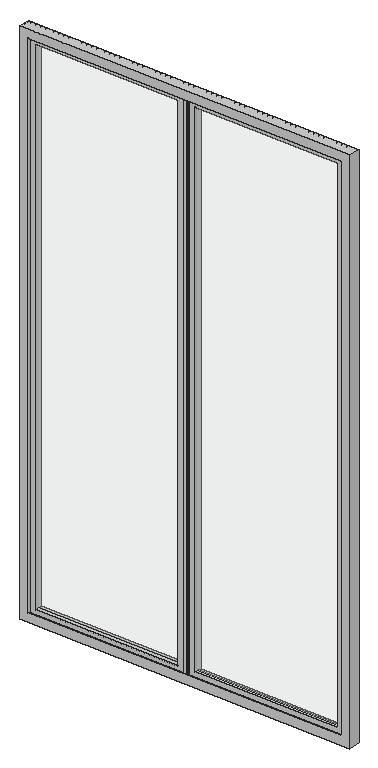
Revit family "Door_Fixed Panel_The Sliding Door Company_2-Panel Fixed", category Doors, host Wall, Revit 2019
Family settings
  Host = Wall
  OmniClass Number = 23.30.10.00
  OmniClass Title = Doors
  Always vertical = Yes
  Cut with Voids When Loaded = No
  Shared = No
  Room Calculation Point = No
Parameters (values of type "2 Fixed Panels")
  URL = "https://www.slidingdoorco.com"
  Thickness = 1 1/4"  # constant formula
  Rough Width = Finished Opening or Order Width + 5/8" * 2  # 60 219/256"
  Rough Height = Finished Opening Height + 5/8"  # 96 5/8"
  Panel Width = (Width - 2") / 2  # 28.80273"
  Panel Height = Height - 1 1/2"  # 94 1/2"
  Model = "Fixed Panel System"  # constant formula
  Manufacturer = "The Sliding Door Company"  # constant formula
  Limitations = "Panel Width x System Height cannot exceed 7,400 square inches"  # constant formula
  Glass Thickness = "Available in: 5mm Tempered, 7mm,10mm,11mm Laminated Glass"  # constant formula
  Glass Material [instance] = TSDC - Glass - Clear
  Function = Interior
  Height = if(Finished Opening Height > 122", 122", Finished Opening Height)  # 96"
  Wall Closure = By host
  Width = if(Finished Opening or Order Width > 106", 106", Finished Opening or Order Width)  # 59 155/256"
  Stile and Rail = 1 1/2"
  Fire Rating = "N/A"  # constant formula
  Finished Opening or Order Width = 59 155/256"
  Finished Opening Height = 96"
  Door Casing Material [instance] = TSDC - Casing/Upper Track - Anodized Aluminum Silver
  Description = "2 Fixed Panel System"  # constant formula
  Contact The Sliding Door Company = "https://www.slidingdoorco.com/contact"
  Construction Type = "Fixed Panel System"  # constant formula
  Analytic Construction = "<None>"
  3" Frame (No Support Dividers) = "Max. H=122 in., Max. W=106 in. (52 in. panel width)"  # constant formula
  1 1/2" Frame (No Support Dividers) = "Max. H=108 in., Max. W=102 in. (50 in. panel width)"  # constant formula
Reference planes (in)
  plane 1 "Center (Front/Back)": y = 0
  plane 2 "Center (Left/Right)": x = 0
  plane 3 "Top": z = 96
  plane 4 "Exterior": y = 2
  plane 5 "Interior": y = -2
  plane 6 "2": z = 94.375
  plane 7 "3": z = 95.25
  plane 8: y = -0.67851
  plane 9: x = -29.80273
  plane 10: x = 29.80273
  plane 11: x = 28.80273
  plane 12: x = -28.80273
  plane 13: z = 0.75
Forms (in)
  Extrusion 1, solid, material "TSDC - Casing/Upper Track - Anodized Aluminum Silver" <- "Door Casing Material"
    sketch origin (40.75888, -1.3998, 0) x (-1, 0, 0) y (0, 0, -1)
      loop
        line (69.56161, -95.25) -> (69.56161, -0.75) -> (40.75888, -0.75) -> (40.75888, -95.25) -> (69.56161, -95.25)
      loop
        line (68.06161, -93.75) -> (68.06161, -2.25) -> (42.25888, -2.25) -> (42.25888, -93.75) -> (68.06161, -93.75)
    from -1 to 0.25
  Extrusion 2, solid, material "TSDC - Glass - Clear" <- "Glass Material"
    sketch origin (40.75888, -1.8998, 0) x (-1, 0, 0) y (0, 0, -1)
      loop
        line (68.06161, -93.75) -> (68.06161, -2.25) -> (42.25888, -2.25) -> (42.25888, -93.75) -> (68.06161, -93.75)
    from -1 to -0.75
  Extrusion 3, solid, material "TSDC - Casing/Upper Track - Anodized Aluminum Silver" <- "Door Casing Material"
    sketch origin (69.57138, -1.3998, 0) x (-1, 0, 0) y (0, 0, -1)
      loop
        line (69.57138, -95.25) -> (69.57138, -0.75) -> (40.76864, -0.75) -> (40.76864, -95.25) -> (69.57138, -95.25)
      loop
        line (68.07138, -93.75) -> (68.07138, -2.25) -> (42.26864, -2.25) -> (42.26864, -93.75) -> (68.07138, -93.75)
    from -1 to 0.25
  Extrusion 4, solid, material "TSDC - Glass - Clear" <- "Glass Material"
    sketch origin (69.57138, -1.8998, 0) x (-1, 0, 0) y (0, 0, -1)
      loop
        line (68.07138, -93.75) -> (68.07138, -2.25) -> (42.26864, -2.25) -> (42.26864, -93.75) -> (68.07138, -93.75)
    from -1 to -0.75
  Extrusion 5, solid, material "TSDC - Casing/Upper Track - Anodized Aluminum Silver" <- "Door Casing Material"
    sketch origin (46.26672, -2.06132, 0) x (1, 0, 0) y (0, 1, 0)
      loop
        line (-46.36047, 0.41152) -> (-46.64172, 0.41152) -> (-46.64172, 0.37246) -> (-45.89172, 0.37246) -> (-45.89172, 0.41152) -> (-46.17297, 0.41152) -> (-46.17297, 1.66152) -> (-45.89172, 1.66152) -> (-45.89172, 1.70058) -> (-46.64172, 1.70058) -> (-46.64172, 1.66152) -> (-46.36047, 1.66152) -> (-46.36047, 0.41152)
    from 0.75 to 95.25
  Sweep 6, solid, material "TSDC - Casing/Upper Track - Anodized Aluminum Silver" <- "Door Casing Material"
    path origin (0, 0, 0) x (1, 0, 0) y (0, 0, 1)
      loop
        line (29.80273, 96) -> (-29.80273, 96) -> (-29.80273, 0) -> (29.80273, 0) -> (29.80273, 96)
    profile origin (0, 0, 96) x (0, 0, -1) y (0, -1, 0)
      loop
        line (0, 2) -> (0, 0.0248) -> (1.5, 0.0248) -> (1.5, 0.36074) -> (0.0625, 0.36074) -> (0.0625, 1.68886) -> (1.5, 1.68886) -> (1.5, 2) -> (0, 2)
Lines and regions (in)
  Opening 1
    outline origin (-60, -2, 0) x (1, 0, 0) y (0, 0, 1)
      loop
        line (89.80273, 96) -> (30.19727, 96) -> (30.19727, 0) -> (89.80273, 0) -> (89.80273, 96)
  model lines, not visible
    curve 1: line (-29.8125, -2.71348, 0) -> (-29.8125, -1.28652, 0)
    curve 2: line (-28.3125, -3, 0) -> (-29.8125, -3, 0)
    curve 3: line (-29.23047, -1.28652, 0) -> (-29.8125, -1.28652, 0)
    curve 4: line (-29.75, -2.65098, 0) -> (-29.75, -1.34902, 0)
    curve 5: line (-29.23047, -1.07167, 0) -> (-29.23047, -1.28652, 0)
    curve 6: line (-29.16797, -1.07167, 0) -> (-29.23047, -1.07167, 0)
    curve 7: line (-29.16797, -1.28652, 0) -> (-29.16797, -1.07167, 0)
    curve 8: line (-28.42188, -1.07167, 0) -> (-28.42188, -1.28652, 0)
    curve 9: line (-28.35938, -1.34902, 0) -> (-28.35938, -1.07167, 0)
    curve 10: line (-28.42188, -1.28652, 0) -> (-29.16797, -1.28652, 0)
    curve 11: line (-28.35938, -1.07167, 0) -> (-28.42188, -1.07167, 0)
    curve 12: line (-28.35938, -1.34902, 0) -> (-29.75, -1.34902, 0)
    curve 13: line (-29.23047, -2.71348, 0) -> (-29.8125, -2.71348, 0)
    curve 14: line (-29.23047, -2.92833, 0) -> (-29.23047, -2.71348, 0)
    curve 15: line (-29.16797, -2.92833, 0) -> (-29.23047, -2.92833, 0)
    curve 16: line (-29.16797, -2.71348, 0) -> (-29.16797, -2.92833, 0)
    curve 17: line (-28.42188, -2.92833, 0) -> (-28.42188, -2.71348, 0)
    curve 18: line (-28.35938, -2.65098, 0) -> (-28.35938, -2.92833, 0)
    curve 19: line (-28.42188, -2.71348, 0) -> (-29.16797, -2.71348, 0)
    curve 20: line (-28.35938, -2.92833, 0) -> (-28.42188, -2.92833, 0)
    curve 21: line (-28.35938, -2.65098, 0) -> (-29.75, -2.65098, 0)
    curve 22: line (-28.3125, -1.0248, 0) -> (-29.8125, -1.0248, 0)
    curve 23: line (-29.8125, -1.0248, 0) -> (-29.8125, -1.2748, 0)
    curve 24: line (-29.8125, -1.2748, 0) -> (29.8125, -1.2748, 0)
    curve 25: line (-29.77734, -1.2748, 0) -> (-29.77734, -1.05996, 0)
    curve 26: line (-29.24219, -1.2748, 0) -> (-29.24219, -1.05996, 0)
    curve 27: line (-29.27734, -1.05996, 0) -> (-29.27734, -1.2748, 0)
    curve 28: line (-29.77734, -1.05996, 0) -> (-28.34766, -1.05996, 0)
    curve 29: line (-28.34766, -1.05996, 0) -> (-28.34766, -1.34902, 0)
    curve 30: line (-28.3125, -1.34902, 0) -> (-28.3125, -1.0248, 0)
    curve 31: line (-28.34766, -1.34902, 0) -> (-28.3125, -1.34902, 0)
Text (in)
  text "Exterior" at (-165.54235, 27.31104, 0), in view "Ref. Level"
  text "Interior" at (-165.54235, -25.14366, 0), in view "Ref. Level"
  text "Exterior" at (0, 40.15149, 123.01588), in view "Right"
  text "Interior" at (0, -64.39139, 123.01588), in view "Right"
  text "Interior" at (0, -31.01599, 123.00693), in view "Left"
  text "Exterior" at (0, 54.57065, 123.00693), in view "Left"
Dimensions and locks (in)
  "Height": level to plane 3 "Top"
  locked: plane 6 "2" to plane 3 "Top" at 1.625
  locked: plane 7 "3" to plane 3 "Top" at 0.75
  "Stile and Rail": Extrusion 1 to Extrusion 1  (x4)
  equal spacing: plane 9, plane 2 "Center (Left/Right)", plane 10
  "Width": plane 9 to plane 10
  locked: plane 9 to plane 12 at 1
  locked: plane 11 to plane 10 at 1
  "Stile and Rail": Extrusion 3 to Extrusion 3  (x4)
  plane 5 "Interior" to Extrusion 3 to Extrusion 3 = 0.3502" locked, 1 1/4" locked
  plane 5 "Interior" to Extrusion 1 to Extrusion 1 = 0.3502" locked, 1 1/4" locked
  plane 5 "Interior" to Extrusion 2 to Extrusion 2 = 0.8502" locked, 1/4" locked
  plane 5 "Interior" to Extrusion 4 to Extrusion 4 = 0.8502" locked, 1/4" locked
  plane 5 "Interior" to Extrusion 5 to Extrusion 5 to Extrusion 5 to Extrusion 5 = 0.31114" locked, 5/128" locked, 1 1/4" locked, 5/128" locked
  locked: Extrusion 1 to Extrusion 1 at 1.25
  Sweep 6 to Sweep 6 to Sweep 6 to Sweep 6 = 43/128" locked, 1 21/64" locked, 0.31114" locked
  aligned and locked: plane 4 "Exterior" to host wall
  aligned and locked: host wall to plane 5 "Interior"
  aligned and locked: Extrusion 1 to Extrusion 2  (x4)
  aligned and locked: plane 2 "Center (Left/Right)" to Extrusion 1
  aligned and locked: Extrusion 3 to Extrusion 4  (x4)
  aligned and locked: Extrusion 5 to plane 7 "3"
  aligned and locked: Opening 1 sketch curve to plane 3 "Top"
  aligned and locked: plane 10 to Opening 1 sketch curve
  aligned and locked: Sweep 6 sketch curve to host wall  (x3)
  aligned and locked: profile plane to Sweep 6 sketch curve
  aligned and locked: host wall to Sweep 6 sketch curve
  aligned and locked: Extrusion 5 to Sweep 6 sketch curve
  aligned and locked: Sweep 6 sketch curve to Extrusion 5
  aligned and locked: Extrusion 1 to plane 13
  aligned and locked: Extrusion 5 to Extrusion 1
  aligned and locked: Extrusion 3 to Extrusion 1
Automatic sketch dimensions
  Opening 1 sketch curve to plane 9 = 0"
  Opening 1 sketch curve to level = 0"
  Extrusion 1 sketch curve to plane 2 "Center (Left/Right)" = 0"
  Extrusion 1 sketch curve to plane 7 "3" = 0"
  Extrusion 1 sketch curve to plane 12 = 0"
  plane 6 "2" to Extrusion 1 sketch curve = 5/8"
  Extrusion 1 sketch curve to plane 2 "Center (Left/Right)" = 1 1/2"
  plane 12 to Extrusion 1 sketch curve = 1 1/2"
  plane 6 "2" to Extrusion 2 sketch curve = 5/8"
  Extrusion 2 sketch curve to plane 2 "Center (Left/Right)" = 1 1/2"
  plane 12 to Extrusion 2 sketch curve = 1 1/2"
  Extrusion 3 sketch curve to plane 7 "3" = 0"
  Extrusion 3 sketch curve to plane 11 = 0"
  Extrusion 3 sketch curve to plane 2 "Center (Left/Right)" = 0"
  plane 6 "2" to Extrusion 3 sketch curve = 5/8"
  Extrusion 3 sketch curve to plane 11 = 1 1/2"
  plane 2 "Center (Left/Right)" to Extrusion 3 sketch curve = 1 1/2"
  plane 6 "2" to Extrusion 4 sketch curve = 5/8"
  Extrusion 4 sketch curve to plane 11 = 1 1/2"
  plane 2 "Center (Left/Right)" to Extrusion 4 sketch curve = 1 1/2"
  Extrusion 5 sketch curve to plane 2 "Center (Left/Right)" = 3/8"  (x2)
  Extrusion 5 sketch curve to plane 2 "Center (Left/Right)" = 3/32"
  plane 2 "Center (Left/Right)" to Extrusion 5 sketch curve = 3/32"
  Extrusion 5 sketch curve to Extrusion 5 sketch curve = 9/32"  (x2)
  Extrusion 5 sketch curve to host wall = 0.31114"
  Extrusion 5 sketch curve to Extrusion 5 sketch curve = 5/128"  (x3)
  Extrusion 5 sketch curve to plane 8 = 0.27871"
  Extrusion 5 sketch curve to Extrusion 5 sketch curve = 0"
  curve 24 to curve 1 = 0"
  curve 2 to curve 1 = 0"
  curve 22 to curve 28 = 9/256"
  curve 1 to curve 4 = 1/16"
  curve 4 to curve 14 = 133/256"
  curve 4 to curve 3 = 133/256"
  curve 3 to curve 10 = 1/16"
  curve 13 to curve 16 = 1/16"
  curve 16 to curve 19 = 191/256"
  curve 6 to curve 8 = 191/256"
  curve 17 to curve 18 = 1/16"
  curve 8 to curve 12 = 1/16"
  curve 18 to curve 2 = 3/64"
  curve 2 to curve 20 = 0.07167"
  curve 2 to curve 16 = 0.07167"
  curve 15 to curve 16 = 55/256"
  curve 14 to curve 16 = 0"
  curve 17 to curve 21 = 1/16"
  curve 18 to curve 12 = 1.30196"
  curve 9 to curve 10 = 1/16"
  curve 5 to curve 7 = 0"
  curve 1 to curve 24 = 3/256"
  curve 26 to curve 5 = 13/64"
  curve 8 to curve 11 = 55/256"
  curve 25 to curve 28 = 55/256"
  curve 25 to curve 22 = 9/256"
  curve 27 to curve 5 = 3/64"
  curve 26 to curve 5 = 3/256"
  curve 9 to curve 29 = 3/256"
  curve 28 to curve 31 = 9/256"
  curve 28 to curve 24 = 58 41/256"
  curve 9 to curve 30 = 0"
  Sweep 6 sketch curve to Sweep 6 sketch curve = 0"
  Sweep 6 sketch curve to level = 0"
  Sweep 6 sketch curve to profile plane = 1/16"
  Sweep 6 sketch curve to Sweep 6 sketch curve = 1 7/16"
  Sweep 6 sketch curve to Sweep 6 sketch curve = 43/128"
  level to Extrusion 1 sketch curve = 2 1/4"
  level to Extrusion 1 sketch curve = 3/4"
  level to Extrusion 2 sketch curve = 2 1/4"
  level to Extrusion 3 sketch curve = 2 1/4"
  level to Extrusion 3 sketch curve = 3/4"
  level to Extrusion 4 sketch curve = 2 1/4"
